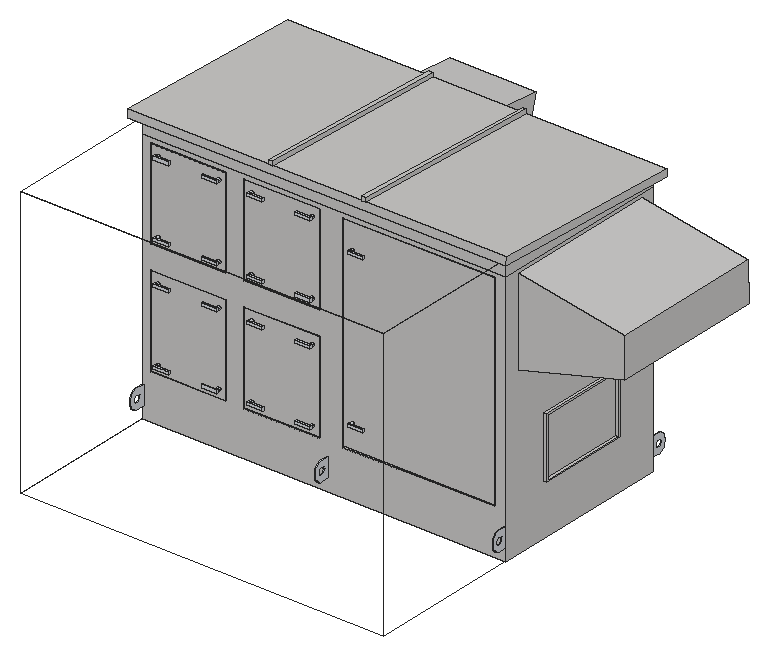
Revit family "DN-2RT-1FP-EC", category Mechanical Equipment, Revit 2016
Family settings
  Part Type = Normal
  Round Connector Dimension = Use Diameter
  OmniClass Number = 23.75.00.00
  OmniClass Title = Climate Control (HVAC)
  Work Plane-Based = No
  Always vertical = Yes
  Cut with Voids When Loaded = No
  Shared = No
  Room Calculation Point = No
Parameters (values of type "2 @ 1.35 kW ea.")
  Voltage [instance] = "200-277 V"
  Unit Weight Range (lbs) [instance] = "2050-2225 lbs."
  Max. Shipping Weight (lbs) [instance] = "2250-2425 lbs."
  Unit Dimensions (L x W x H) [instance] = "125-1/4\" x 73-1/8\" x 73-1/8\""
  Shipping Dimensions (Lx W x H) [instance] = "120\" x 90\" x 79\""
  Unit [instance] = Renewaire - Galvanized Steel
  URL = "www.renewaire.com"
  Typical Airflow Range = "375-1,650 CFM"
  Standard Features [instance] = "EC Motors for both airstreams, Direct drive backward inclined plenum, Higher ESP of up to 2\" w.g. at 1,500 CFM, Integrated programmable controls, True 100% face and bypass enthalpy based modulating economizer, Class 1 low leakage motorized isolation dampers, Stainless steel double-sloped drain pan with cooling option, 1\" Double wall foam injected 20 gauge galvanized panel construction with R6.5 insulation"
  Service Area Visibility [instance] = yes
  Service Area Box [instance] = Renewaire - Interference
  Revit Object Download Link [instance] = ""
  Phase [instance] = "Single"
  Options [instance] = "DX, heat pump, or chilled water cooling coil, Modulating hot gas reheat, Steam or hot water coil, Onboard variable frequency drives (VFDs) - both airstreams, Fused disconnect, Spring isolators (VFDs only), 2\" Double wall foam injected 20 gauge galvanized panel construction with R13 insulation, Exterior paint - grey, white, custom color, Salt spray - 2500 hours, BACNET factory activation, GFCI convenience outlet, Recirculation damper, Drain overflow switch, Mist Eliminator, Electrofin coating for coils"
  Number Motors [instance] = "Qty. 2, Direct drive motorized impeller packages"
  Model = "DN-2RT-1FP-EC"
  Minimum Circuit Amps [instance] = "15.1 A"
  Maximum Overcurrent Protection [instance] = "20 A"
  Manufacturer = "Renewaire LLC"
  Inlets/Outlets [instance] = "OA & RA Inlets: 24\" x 16\", SA Outlet: 24\" x 16\", EA Outlet: 20\" x 16\""
  Frequency [instance] = "50/60 Hz"
  Filters [instance] = "Total qty. 4, MERV 8: 16\" x 20\" x 2\""
  FLA per Motor [instance] = "6.7-4.8"
  Energy Recovery Type [instance] = "Static plate total energy transfer"
  Description = "Energy Recovery Ventilator"
  Accessories [instance] = "Filters - MERV 13, 2\"  and 4\" (shipped loose), MERV 14, 2\" and 4\" (shipped loose), Additional filters available upon request, Roof curb - standard 14\", Hurricane or seismic rated curbs, Curb clip kit, Carbon dioxide sensor/control - wall mount (CO2-W), duct mount (CO2-D), IAQ sensor - wall mount (IAQ-W), duct mount (IAQ-D), Motion occupancy sensor/control - ceiling mount (MC-C), wall mount (MC-W), Smoke detector, Room temperature and humidity sensor, Duct static pressure sensor with display to 10\", without display 0-2\", Room pressure sensor with display to 1\", without display 0-1\", Waterless trap negative pressure, waterless trap positive pressure, Remote display"
  AHRI 1060 Certified Core [instance] = "One L-62-G5 and one L-125-G5"
Types (7): name | Voltage | Phase | Minimum Circuit Amps | Maximum Overcurrent Protection | FLA per Motor
  (no name) | "200-277 V" | "Single" | "15.1 A" | "20 A" | "6.7-4.8"
  2 @ 1.35 kW ea. | "200-277 V" | "Single" | "15.1 A" | "20 A" | "6.7-4.8"
  2 @ 2.70 kW ea. | "200-240 V" | "Three" | "19.4 A" | "25 A" | "8.6-7.2"
  2 @ 3.70 kW ea. | "380-480 V" | "Three" | "13.5 A" | "15 A" | "6.0-4.6"
  2 @ 3HP ea. 208-230V | "208-230 V" | "Three" | "20.3 A" | "25 A" | "9-8.4/4.2"
  2 @ 3HP ea. 460V | "460V" | "Three" | "9.5 A" | "15 A" | "4.2"
  2 @ 3HP ea. 575V | "575V" | "Three" | "7.4 A" | "15 A" | "3.3"
Reference planes (in)
  plane 1 "Center (Front/Back)": y = 0
  plane 2: z = 0
  plane 3 "Center (Left/Right)": x = 0
  plane 4: y = -24
  plane 5: x = -35.375
Forms (in)
  Extrusion 1, solid, material "Renewaire - Galvanized Steel" <- "Unit"
    sketch origin (0, 0, 0) x (1, 0, 0) y (0, 1, 0)
      loop
        line (-35.375, 23.99995) -> (-35.375, -24) -> (60, -24) -> (60, 23.99995) -> (-35.375, 23.99995)
    from 0 to 66.875
  Extrusion 2, void
    sketch origin (0, 0, 2) x (1, 0, 0) y (0, 0, 1)
      loop
        line (-33.22023, 63.824) -> (-33.22023, 39.82399) -> (-13.22023, 39.82399) -> (-13.22023, 63.824) -> (-33.22023, 63.824)
      loop
        line (-8.69064, 63.824) -> (-8.69064, 39.82399) -> (11.30935, 39.82399) -> (11.30935, 63.824) -> (-8.69064, 63.824)
      loop
        line (-33.22023, 33.824) -> (-33.22023, 9.824) -> (-13.22023, 9.824) -> (-13.22023, 33.824) -> (-33.22023, 33.824)
      loop
        line (-8.69064, 33.824) -> (-8.69064, 9.824) -> (11.30935, 9.824) -> (11.30935, 33.824) -> (-8.69064, 33.824)
      loop
        line (17.22532, 63.824) -> (17.22532, 9.824) -> (57.22532, 9.824) -> (57.22532, 63.824) -> (17.22532, 63.824)
    from 23 to 25
  Extrusion 3, void
    sketch origin (-0.65477, 0, 0) x (1, 0, 0) y (0, 1, 0)
      loop
        line (-33.22023, 21.99995) -> (-33.22023, -22) -> (57.89381, -22) -> (57.89381, 21.99995) -> (-33.22023, 21.99995)
    from 0 to 8
  Extrusion 4, void
    sketch origin (0, 0, 0) x (1, 0, 0) y (0, 1, 0)
      loop
        line (-29.3125, 19.93852) -> (-29.3125, -4.06148) -> (-13.31249, -4.06148) -> (-13.31249, 19.93852) -> (-29.3125, 19.93852)
      loop
        line (37.89381, 11.99993) -> (37.89381, -12.00007) -> (53.89381, -12.00007) -> (53.89381, 11.99993) -> (37.89381, 11.99993)
    from 7 to 8.125
  Extrusion 5, solid, material "Renewaire - Galvanized Steel" <- "Unit"
    sketch origin (0, 0, 2) x (0, 1, 0) y (0, 0, 1)
      loop
        line (18.60019, 30.89209) -> (-5.39982, 30.89209) -> (-5.39982, 14.89209) -> (18.60019, 14.89209) -> (18.60019, 30.89209)
      loop
        line (18.35019, 30.64209) -> (-5.14982, 30.64209) -> (-5.14982, 15.14209) -> (18.35019, 15.14209) -> (18.35019, 30.64209)
    from -35.375 to -36.875
  Extrusion 6, solid, material "Renewaire - Galvanized Steel" <- "Unit"
    sketch origin (0, 0, 2) x (0, 1, 0) y (0, 0, 1)
      loop
        line (-12.00006, 27.784) -> (-12.00006, 11.78399) -> (11.99994, 11.78399) -> (11.99994, 27.784) -> (-12.00006, 27.784)
      loop
        line (-11.75006, 27.534) -> (-11.75006, 12.03399) -> (11.74994, 12.03399) -> (11.74994, 27.534) -> (-11.75006, 27.534)
    from 60 to 61
  Extrusion 7, solid, material "Renewaire - Galvanized Steel" <- "Unit"
    sketch origin (0, 0, 2) x (1, 0, 0) y (0, 0, 1)
      loop
        line (17.47532, 63.574) -> (17.47532, 10.324) -> (56.97532, 10.324) -> (56.97532, 63.574) -> (17.47532, 63.574)
      loop
        line (-32.97023, 63.574) -> (-32.97023, 40.07399) -> (-13.47023, 40.07399) -> (-13.47023, 63.574) -> (-32.97023, 63.574)
      loop
        line (-8.44064, 63.574) -> (-8.44064, 40.07399) -> (11.05935, 40.07399) -> (11.05935, 63.574) -> (-8.44064, 63.574)
      loop
        line (-8.44064, 33.574) -> (-8.44064, 10.074) -> (11.05935, 10.074) -> (11.05935, 33.574) -> (-8.44064, 33.574)
      loop
        line (-32.97023, 10.074) -> (-13.47023, 10.074) -> (-13.47023, 33.574) -> (-32.97023, 33.574) -> (-32.97023, 10.074)
    from 23 to 24
  Extrusion 8, solid, material "Renewaire - Interference" <- "Service Area Box", visible <- "Service Area Visibility"
    sketch origin (0, 0, 0) x (1, 0, 0) y (0, 1, 0)
      loop
        line (-35.375, -24) -> (-35.375, -64) -> (60, -64) -> (60, -24) -> (-35.375, -24)
    from 70.98996 to 0
  Extrusion 9, solid, material "Renewaire - Galvanized Steel" <- "Unit"
    sketch origin (0, 0, 0) x (0, 1, 0) y (0, 0, 1)
      loop
        line (23.99995, 65.37584) -> (23.99995, 47.19321) -> (33.39638, 47.19321) -> (43.03161, 56.49784) -> (44.92004, 63.54557) -> (23.99995, 65.37584)
    from 12.5814 to -9.96261
  Extrusion 10, solid, material "Renewaire - Galvanized Steel" <- "Unit"
    sketch origin (0, 0, 0) x (1, 0, 0) y (0, 0, 1)
      loop
        line (60, 66.14512) -> (60, 43.33282) -> (88.06702, 50.94615) -> (88.06702, 61.19615) -> (60, 66.14512)
    from 20.33014 to -20.26562
  Extrusion 11, void
    sketch origin (0, 0, 0) x (1, 0, 0) y (0, 0, 1)
      loop
        line (-13.22023, 11.824) -> (-13.22023, 35.824) -> (-33.22023, 35.824) -> (-33.22023, 11.824) -> (-13.22023, 11.824)
      loop
        line (-13.22023, 65.824) -> (-33.22023, 65.824) -> (-33.22023, 41.82399) -> (-13.22023, 41.82399) -> (-13.22023, 65.824)
    from -23 to -25
  Extrusion 12, solid, material "Renewaire - Galvanized Steel" <- "Unit"
    sketch origin (0, 0, 0) x (1, 0, 0) y (0, 0, 1)
      loop
        line (-13.47023, 35.574) -> (-32.97023, 35.574) -> (-32.97023, 30.574) -> (-13.47023, 30.574) -> (-13.47023, 35.574)
      loop
        line (-13.47023, 30.324) -> (-32.97023, 30.324) -> (-32.97023, 17.324) -> (-13.47023, 17.324) -> (-13.47023, 30.324)
      loop
        line (-13.47023, 17.074) -> (-32.97023, 17.074) -> (-32.97023, 12.074) -> (-13.47023, 12.074) -> (-13.47023, 17.074)
      loop
        line (-13.47023, 65.574) -> (-32.97023, 65.574) -> (-32.97023, 42.07399) -> (-13.47023, 42.07399) -> (-13.47023, 65.574)
    from -23 to -24
  Extrusion 13, solid, material "Renewaire - Galvanized Steel" <- "Unit"
    sketch origin (0, 0, 0) x (0, 1, 0) y (0, 0, 1)
      loop
        line (23.99995, 69.02245) -> (-24, 71.17151) -> (-24, 66.875) -> (23.99995, 66.875) -> (23.99995, 69.02245)
    from 60 to -35.375
  Extrusion 14, solid, material "Renewaire - Galvanized Steel" <- "Unit"
    sketch origin (0, 0, 0) x (0, 1, 0) y (0, 0, 1)
      loop
        line (26.25341, 70.90076) -> (-26.19982, 73.11627) -> (-26.28422, 71.11805) -> (26.16901, 68.90254) -> (26.25341, 70.90076)
    from 61.85788 to -37.375
  Extrusion 15, solid, material "Renewaire - Galvanized Steel" <- "Unit"
    sketch origin (0, 0, 0) x (0, 1, 0) y (0, 0, 1)
      loop
        line (26.25341, 70.90076) -> (26.29557, 71.89898) -> (-26.15766, 74.11449) -> (-26.19982, 73.11627) -> (26.25341, 70.90076)
    from 0.5 to -0.5
  Extrusion 16, solid, material "Renewaire - Galvanized Steel" <- "Unit"
    sketch origin (0, 0, 0) x (0, 1, 0) y (0, 0, 1)
      loop
        line (26.25341, 70.90076) -> (26.29557, 71.89898) -> (-26.15766, 74.11449) -> (-26.19982, 73.11627) -> (26.25341, 70.90076)
    from 24 to 25
Cuts and joins
  Extrusion 2, Extrusion 3, Extrusion 4, Extrusion 11 cuts Extrusion 1
Dimensions and locks (in)
  aligned and locked: level to plane 2
  aligned and locked: nested 1 to cut or joined group of Extrusion 1, Extrusion 2, Extrusion 3, Extrusion 4, Extrusion 11
  aligned and locked: Extrusion 7 sketch curve to Extrusion 7 sketch curve
  aligned and locked: Extrusion 8 to Extrusion 13
Nested families (in)
  nested 1: "Lifting Lug" at (-35.125, -24, 3.03309) x (0, -1, 0) z (0, 0, 1), Material <- "Unit", type "Lifting Lug"
    with Material Renewaire - Galvanized Steel
  nested 2: "Lifting Lug" at (59.88692, -24, 3.03309) x (0, -1, 0) z (0, 0, 1), Material <- "Unit", type "Lifting Lug"
    with Material Renewaire - Galvanized Steel
  nested 3: "Handle" at (-15.28433, -24, 63.25), type "Handle"
    with Right Handle no, Left Handle yes, Flip yes
  nested 4: "Handle" at (-15.28433, -24, 44.11337), type "Handle"
    with Right Handle no, Left Handle yes, Flip yes
  nested 5: "Handle" at (-31.15613, -24, 63.25) x (-1, 0, 0) z (0, 0, 1), type "Handle"
    with Right Handle no, Left Handle yes, Flip yes
  nested 6: "Handle" at (-31.15613, -24, 44.11337) x (-1, 0, 0) z (0, 0, 1), type "Handle"
    with Right Handle no, Left Handle yes, Flip yes
  nested 7: "Handle" at (9.24525, -24, 63.25), type "Handle"
    with Right Handle no, Left Handle yes, Flip yes
  nested 8: "Handle" at (9.24525, -24, 44.11337), type "Handle"
    with Right Handle no, Left Handle yes, Flip yes
  nested 9: "Handle" at (-6.62654, -24, 63.25) x (-1, 0, 0) z (0, 0, 1), type "Handle"
    with Right Handle no, Left Handle yes, Flip yes
  nested 10: "Handle" at (-6.62654, -24, 44.11337) x (-1, 0, 0) z (0, 0, 1), type "Handle"
    with Right Handle no, Left Handle yes, Flip yes
  nested 11: "Handle" at (9.24525, -24, 33.25), type "Handle"
    with Right Handle no, Left Handle yes, Flip yes
  nested 12: "Handle" at (9.24525, -24, 14.11338), type "Handle"
    with Right Handle no, Left Handle yes, Flip yes
  nested 13: "Handle" at (-6.62654, -24, 33.25) x (-1, 0, 0) z (0, 0, 1), type "Handle"
    with Right Handle no, Left Handle yes, Flip yes
  nested 14: "Handle" at (-6.62654, -24, 14.11338) x (-1, 0, 0) z (0, 0, 1), type "Handle"
    with Right Handle no, Left Handle yes, Flip yes
  nested 15: "Handle" at (-15.28433, 24, 27.5), type "Handle"
    with Right Handle no, Left Handle yes, Flip yes
  nested 16: "Handle" at (-15.28433, 24, 19.86338), type "Handle"
    with Right Handle no, Left Handle yes, Flip yes
  nested 17: "Handle" at (-31.15613, 24, 27.5) x (-1, 0, 0) z (0, 0, 1), type "Handle"
    with Right Handle no, Left Handle yes, Flip yes
  nested 18: "Handle" at (-31.15613, 24, 19.86338) x (-1, 0, 0) z (0, 0, 1), type "Handle"
    with Right Handle no, Left Handle yes, Flip yes
  nested 19: "Handle" at (-15.28433, -24, 33.25), type "Handle"
    with Right Handle no, Left Handle yes, Flip yes
  nested 20: "Handle" at (-15.28433, -24, 14.11338), type "Handle"
    with Right Handle no, Left Handle yes, Flip yes
  nested 21: "Handle" at (-31.15613, -24, 33.25) x (-1, 0, 0) z (0, 0, 1), type "Handle"
    with Right Handle no, Left Handle yes, Flip yes
  nested 22: "Handle" at (-31.15613, -24, 14.11338) x (-1, 0, 0) z (0, 0, 1), type "Handle"
    with Right Handle no, Left Handle yes, Flip yes
  nested 23: "Handle" at (-15.28433, 24, 63.25), type "Handle"
    with Right Handle no, Left Handle yes, Flip yes
  nested 24: "Handle" at (-15.28433, 24, 44.11337), type "Handle"
    with Right Handle no, Left Handle yes, Flip yes
  nested 25: "Handle" at (-31.15613, 24, 63.25) x (-1, 0, 0) z (0, 0, 1), type "Handle"
    with Right Handle no, Left Handle yes, Flip yes
  nested 26: "Handle" at (-31.15613, 24, 44.11337) x (-1, 0, 0) z (0, 0, 1), type "Handle"
    with Right Handle no, Left Handle yes, Flip yes
  nested 27: "Handle" at (-15.28433, 24, 33.25), type "Handle"
    with Right Handle no, Left Handle yes, Flip yes
  nested 28: "Handle" at (-15.28433, 24, 14.11338), type "Handle"
    with Right Handle no, Left Handle yes, Flip yes
  nested 29: "Handle" at (-31.15613, 24, 33.25) x (-1, 0, 0) z (0, 0, 1), type "Handle"
    with Right Handle no, Left Handle yes, Flip yes
  nested 30: "Handle" at (-31.15613, 24, 14.11338) x (-1, 0, 0) z (0, 0, 1), type "Handle"
    with Right Handle no, Left Handle yes, Flip yes
  nested 31: "Lifting Lug" at (59.88692, 24, 3.03309) x (0, 1, 0) z (0, 0, 1), Material <- "Unit", type "Lifting Lug"
    with Material Renewaire - Galvanized Steel
  nested 32: "Lifting Lug" at (13.25, -24, 3.03309) x (0, -1, 0) z (0, 0, 1), Material <- "Unit", type "Lifting Lug"
    with Material Renewaire - Galvanized Steel
  nested 33: "Lifting Lug" at (-35.125, 24, 3.03309) x (0, 1, 0) z (0, 0, 1), Material <- "Unit", type "Lifting Lug"
    with Material Renewaire - Galvanized Steel
  nested 34: "Lifting Lug" at (13.25, 24, 3.03309) x (0, 1, 0) z (0, 0, 1), Material <- "Unit", type "Lifting Lug"
    with Material Renewaire - Galvanized Steel
  nested 35: "Handle" at (19.76858, -24, 59.0118) x (-1, 0, 0) z (0, 0, 1), type "Handle"
    with Right Handle no, Left Handle yes, Flip yes
  nested 36: "Handle" at (19.76858, -24, 18.2618) x (-1, 0, 0) z (0, 0, 1), type "Handle"
    with Right Handle no, Left Handle yes, Flip yes
Connectors (in)
  hvac at (61, -0.00006, 21.784)
    settings: on Extrusion 6, index 2, duct flow 0 CFM, flow factor 0, pres drop 0.00 in-wg, loss coef 0, conn angle 0.00°, conn width 24", conn height 16", conn diameter 24", duct sys type 2, conn prof type 1, flow config 0, flow direction 1, loss method 0, conn ref index -1, conn util no, is conn primary yes, conn desc "Return Air (RA)"
  hvac at (-36.875, 6.60018, 24.89209)
    settings: on Extrusion 5, index 6, duct flow 0 CFM, flow factor 0, pres drop 0.00 in-wg, loss coef 0, conn angle 0.00°, conn width 24", conn height 16", conn diameter 24", duct sys type 1, conn prof type 1, flow config 0, flow direction 2, loss method 0, conn ref index -1, conn util no, is conn primary no, conn desc "Supply Air (SA)"
  hvac at (-21.3125, 7.93852, 8.125)
    settings: on cut or joined group of Extrusion 1, Extrusion 2, Extrusion 3, Extrusion 4, Extrusion 11, index 7, duct flow 0 CFM, flow factor 0, pres drop 0.00 in-wg, loss coef 0, conn angle 0.00°, conn width 24", conn height 16", conn diameter 24", duct sys type 1, conn prof type 1, flow config 0, flow direction 2, loss method 0, conn ref index -1, conn util no, is conn primary no, conn desc "Supply Air (SA)"
  hvac at (45.89381, -0.00007, 8)
    settings: on cut or joined group of Extrusion 1, Extrusion 2, Extrusion 3, Extrusion 4, Extrusion 11, index 8, duct flow 0 CFM, flow factor 0, pres drop 0.00 in-wg, loss coef 0, conn angle 0.00°, conn width 24", conn height 16", conn diameter 24", duct sys type 2, conn prof type 1, flow config 0, flow direction 1, loss method 0, conn ref index -1, conn util no, is conn primary no, conn desc "Return Air (RA)"
Definition of nested family "Lifting Lug"
  Parameters (values of type "Lifting Lug")
    Material [instance] = none
  Reference planes (in)
    plane 1 "Center (Front/Back)": y = 0
    plane 2: z = 0
    plane 3 "Center (Left/Right)": x = 0
  Forms (in)
    Extrusion 1, solid
      sketch origin (0, 0, 0) x (1, 0, 0) y (0, 0, 1)
        loop
          line (0, 0.1875) -> (2, 0.1875)
          arc (2, 0.1875) -> (3.41421, 0.77329) -> (4, 2.1875) r 2
          line (4, 2.1875) -> (4, 3.1875)
          arc (4, 3.1875) -> (3.41421, 4.60171) -> (2, 5.1875) r 2
          line (2, 5.1875) -> (0, 5.1875) -> (0, 0.1875)
        loop
          circle (2.125, 2.6875) r 1
      from 0 to 0.25
  Dimensions and locks (in)
    aligned and locked: plane 2 to level
Definition of nested family "Handle"
  Parameters (values of type "Handle")
    Right Handle [instance] = not(Flip)  # no
    Material = none
    Left Handle [instance] = Flip  # yes
    Flip [instance] = yes
  Reference planes (in)
    plane 1 "Center (Front/Back)": y = 0
    plane 2: z = 0
    plane 3 "Center (Left/Right)": x = 0
  Forms (in)
    Extrusion 1, solid, material <- "Material"
      sketch origin (0, 0, 0) x (1, 0, 0) y (0, 0, 1)
        loop
          circle (0, 0) r 0.375
      from 0 to 0.75
    Extrusion 2, solid, material <- "Material", visible <- "Right Handle"
      sketch origin (0, 0, 0) x (1, 0, 0) y (0, 1, 0)
        loop
          line (-0.375, -0.75) -> (-0.375, -1.25) -> (3.625, -1.25) -> (3.625, -0.75) -> (-0.375, -0.75)
      from -0.375 to 0.375
    Extrusion 3, solid, material <- "Material", visible <- "Left Handle"
      sketch origin (-3.25, 0, 0) x (1, 0, 0) y (0, 1, 0)
        loop
          line (-0.375, -0.75) -> (-0.375, -1.25) -> (3.625, -1.25) -> (3.625, -0.75) -> (-0.375, -0.75)
      from -0.375 to 0.375
  Dimensions and locks (in)
    aligned and locked: plane 2 to level
